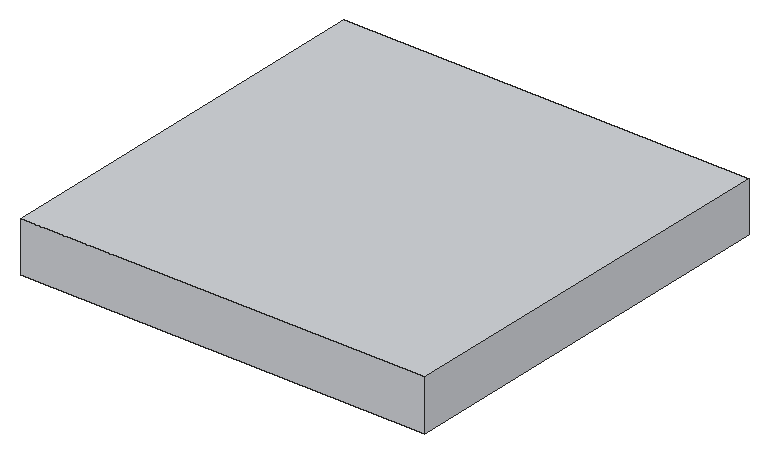
Revit family "00-6000-05-M1", category Luminarias, Revit 2019
Family settings
  Anfitrión = Cara
  Cota de conector redondo = Diámetro de uso
  Tipo de pieza = Normal
  Número OmniClass = 23.80.70.00
  Título OmniClass = Lighting
  Corte con vacíos al cargar = No
  Origen de luz = No
  Compartido = Sí
  Punto de cálculo de habitación = No
Parameters (values of type "00-6000-05-M1")
  Versión = "v1"
  Vatios (W) = 53.5
  Tipo de regulación = "ON-OFF"
  Tipo = "Pendant"
  Tender text (English) = "LedsC4 Tubs 1200mm 00-6000-05-M1V1  Pendant for indoor use.   For downlighting. Structure material: Aluminium. Structure finish: Black. Diffuser material: Polycarbonate. Diffuser finish: Opal. Warranty: 5 Years.  Product net weight (Kg): 5 Product length (mm): 1200 Product width or diameter (mm): 800 Product height (mm): 5000 Product aperture (mm): 5000  Class 1. IP: IP20. LED. No. of lampholders or LEDs: 1. Driver brand: HEP. Maximum power of light source: 48W. Colour temperature: 3000K. Colour rendering index: 90. MacAdam Steps: 3. Hours of life: 50.000h L80B20. UGR: 11.0. Photobiological risk: RG0. Real flux (lm): 2196. Real lm/W: 41. Voltage / frequency range: 100-240/50-60Hz. Voltage: 3. Equipment included: Yes. Multi-voltage equipment included. Total power: 53.5. Power factor: 0.90. Dimmable equipment included: ON-OFF."
  Tender text (Castellano) = "LedsC4 Tubs 1200mm 00-6000-05-M1V1  Pendant for indoor use.   For downlighting. Structure material: Aluminium. Structure finish: Black. Diffuser material: Polycarbonate. Diffuser finish: Opal. Warranty: 5 Years.  Product net weight (Kg): 5 Product length (mm): 1200 Product width or diameter (mm): 800 Product height (mm): 5000 Product aperture (mm): 5000  Class 1. IP: IP20. LED. No. of lampholders or LEDs: 1. Driver brand: HEP. Maximum power of light source: 48W. Colour temperature: 3000K. Colour rendering index: 90. MacAdam Steps: 3. Hours of life: 50.000h L80B20. UGR: 11.0. Photobiological risk: RG0. Real flux (lm): 2196. Real lm/W: 41. Voltage / frequency range: 100-240/50-60Hz. Voltage: 3. Equipment included: Yes. Multi-voltage equipment included. Total power: 53.5. Power factor: 0.90. Dimmable equipment included: ON-OFF."
  Temperatura color led (K) = "LED warm-white 3000K"
  Referencia = "00-6000-05-M1"
  Rayo de luz = "SPOT"
  Producto descatalogado = "Catalogado EN"
  Pluma comercial = "https://files.ledsc4.com/pl/00-6000-05-M1V1.html"
  Peso neto (KG) = 5
  Material = "Aluminium, Polycarbonate"
  Lumenes reales (lm) = 2196
  LDT = "https://files.ledsc4.com/ldt/00-6000-05-M1V1.html"
  Imagen web = "https://files.ledsc4.com/main-photo/00-6000-05-M1V1"
  IfcExportType = "NOTDEFINED"
  IfcExportAs = "IfcLightFixture\r\nIfcLightFixture"
  IP = "IP20"
  IMC = "https://files.ledsc4.com/imc/00-6000-05-M1V1.html"
  IK = ""
  Fuente de luz = ""
  Fotometría = "https://files.ledsc4.com/fm/00-6000-05-M1V1.html"
  Ficha = "https://files.ledsc4.com/ft/en/00-6000-05-M1V1.html"
  FechaVersion = "Creada: 12/10/2023"
  Familia = "Tubs 1200mm"
  Fabricante = "LEDS C4"  # constant formula
  Etiqueta V/f = "100-240V/50-60Hz"
  Elevación por defecto = 1000 mm
  Eficiencia energética = "F"
  EAN13 = "8435381462345"
  DescripcionUniformat2010 = "Lighting"
  DescripcionUniclass2015 = "Lighting"
  DescripcionOmniclass = "Lighting"
  DescripcionGubimclass = "Iluminación interior"
  CodigoUniformat2010 = "D5040"
  CodigoUniclass2015 = "EF_70_80"
  CodigoOmniclass = "21-04 50 40"
  CodigoGubimclass = "50.60.50.20"
  Catálogo = "Decorative"
  Carga aparente = 0 VA
  CRI = 90
  Acabado = "Black, Opal"
Reference planes
  plane 1 "Centro (Frontal/Posterior)": y = 0
  plane 2: z = 0
  plane 3 "Centro (Izquierda/Derecha)": x = 0
  plane 4 "Elevación de origen de luz": z = 0
  plane 5 "Eje de origen de luz (F/P)": y = 0
  plane 6 "Eje de origen de luz (I/D)": x = 0
Forms (mm)
  Extrusion 1, solid
    sketch origin (0, 0, 0) x (1, 0, 0) y (0, 1, 0)
      loop
        line (-1219.2, 1219.2) -> (-1219.2, -1219.2) -> (1219.2, -1219.2) -> (1219.2, 1219.2) -> (-1219.2, 1219.2)
    from 0 to -304.8
Dimensions and locks
  aligned and locked: plane 2 to Extrusion 1
  aligned and locked: level to Extrusion 1
Connectors
  electrical at (0, 0, 0)
    settings: on Extrusion 1, index 1, voltage 0 V, apparent load 0 VA, apparent load phase1 0 VA, apparent load phase2 0 VA, apparent load phase3 0 VA, power factor 1, load classification "Otro", number of poles 1, system type 31, power factor state 1, is connector primary yes, connector utility no, sub classification motor no, connector description ""
